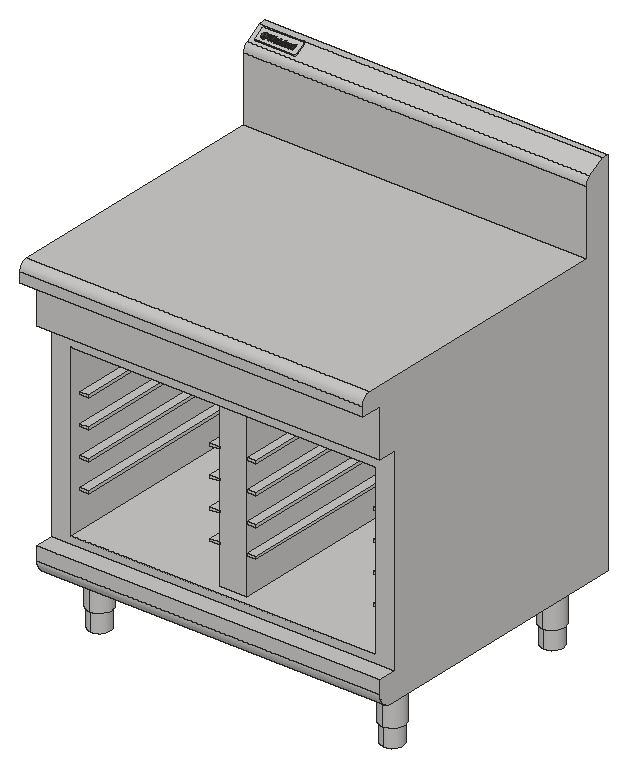
Revit family "QF_MOFFAT WALDORF_BT8900-CB", category Specialty Equipment, Revit 2012
Parameters
  Weight in Pounds = 194.0066  # constant formula
  Width [instance] = 900.00 mm  # constant formula
  URL Cutsheet = "www.moffat.com"
  URL = "www.moffat.com"
  Type Mark [instance] = ""
  Status [instance] = ""
  Specification by User [instance] = ""
  Specification by Manufacturer = ""
  Show Logo [instance] = yes
  Show Casters [instance] = no
  Serial Number = ""
  Seismic Rating = ""
  SMACNA No = ""
  Revision Code [instance] = ""
  Omniclass Number and Title = ""
  NAFEM Spec ID Number = ""
  Model = "BT8900-CB"
  Masterspec = ""
  Manufacturer = "MOFFAT WALDORF"
  Legs [instance] = not(Show Casters)  # yes
  Item Number [instance] = ""
  Installed By [instance] = ""
  Identify Quantity as Lot [instance] = yes
  Height = 1130.00 mm  # constant formula
  Furnished By [instance] = ""
  Foodservice Equipment Identifier [instance] = yes
  Description = "BENCH TOP ON CABINET BASE"
  Depth [instance] = 805.00 mm  # constant formula
  CSI MasterFormat = ""
  CSI Master Format = ""
  Back Splash [instance] = 215.00 mm  # constant formula
Reference planes
  plane 1 "BACK": y = 0
  plane 2: z = 0
  plane 3 "LEFT": x = 0
  plane 4 "RIGHT": x = 900
  plane 5 "FRONT": y = -805
  plane 6 "TOP": z = 1130
  plane 7 "Center Y": x = 450
  plane 8 "Center X": y = -402.5
  plane 9 "Base Height": z = 150
  plane 10: z = 915
  plane 11: x = 65
  plane 12: x = 834.938
  plane 13: y = -625
  plane 14: y = -100
Forms (mm)
  Extrusion 1, solid, material "QF_Finishes_Stainless Steel"
    sketch origin (0, 0, 0) x (0, 1, 0) y (0, 0, 1)
      loop
        line (-144, 222.5) -> (-749, 222.5) -> (-749, 188)
        arc (-749, 188) -> (-737.87, 161.13) -> (-711, 150) r 38
        line (-711, 150) -> (0, 150) -> (0, 1130) -> (-16.5, 1130) -> (-58, 1106.04)
        arc (-58, 1106.04) -> (-66.785, 1097.255) -> (-70, 1085.255) r 24
        line (-70, 1085.255) -> (-70, 915) -> (-781, 915)
        arc (-781, 915) -> (-797.971, 907.971) -> (-805, 891) r 24
        line (-805, 891) -> (-805, 866) -> (-749, 866) -> (-749, 740) -> (-144, 740) -> (-144, 222.5)
    from 0 to 900
  Revolve 2, solid, material "QF_Finishes_Stainless Steel", visible <- "Legs"
    sketch origin (65, -165, 0) x (0, 1, 0) y (0, 0, 1)
      loop
        line (33.25, 150) -> (33.25, 50) -> (37.5, 50) -> (37.5, 0) -> (65, 0) -> (65, 150) -> (33.25, 150)
      axis (65, 150) -> (65, 0)
    angle from 0 to 360
  Revolve 3, solid, material "QF_Finishes_Stainless Steel"
    sketch origin (65, -735, 0) x (0, 1, 0) y (0, 0, 1)
      loop
        line (78.25, 150) -> (78.25, 50) -> (82.5, 50) -> (82.5, 0) -> (110, 0) -> (110, 150) -> (78.25, 150)
      axis (110, 150) -> (110, 0)
    angle from 0 to 360
  Revolve 4, solid, material "QF_Finishes_Stainless Steel", visible <- "Legs"
    sketch origin (834.938, -165, 0) x (0, 1, 0) y (0, 0, -1)
      loop
        line (33.25, -150) -> (65, -150) -> (65, 0) -> (37.5, 0) -> (37.5, -50) -> (33.25, -50) -> (33.25, -150)
      axis (65, -150) -> (65, 0)
    angle from 0 to 360
  Revolve 5, solid, material "QF_Finishes_Stainless Steel"
    sketch origin (834.938, -735, 0) x (0, 1, 0) y (0, 0, -1)
      loop
        line (78.25, -150) -> (110, -150) -> (110, 0) -> (82.5, 0) -> (82.5, -50) -> (78.25, -50) -> (78.25, -150)
      axis (110, -150) -> (110, 0)
    angle from 0 to 360
  Extrusion 6, solid, material "QF_Finishes_Stainless Steel"
    sketch origin (0, -70, 1085.255) x (0, 0, -1) y (1, 0, 0)
      loop
        line (400.255, 850) -> (400.255, 50) -> (842.755, 50) -> (842.755, 850) -> (400.255, 850)
      loop
        line (345.255, 0) -> (862.755, 0) -> (862.755, 900) -> (345.255, 900) -> (345.255, 0)
    from 0 to 629
  Extrusion 7, solid, material "QF_Finishes_Stainless Steel"
    sketch origin (0, -70, 1085.255) x (0, 0, -1) y (1, 0, 0)
      loop
        line (400.255, 419.5) -> (842.755, 419.5) -> (842.755, 490.5) -> (400.255, 490.5) -> (400.255, 419.5)
    from 74 to 604
  Extrusion 8, solid, material "QF_Finishes_Stainless Steel"
    sketch origin (0, -70, 1085.255) x (0, 0, -1) y (1, 0, 0)
      loop
        line (596.505, 419.5) -> (590.155, 419.5) -> (590.155, 394.5) -> (596.505, 394.5) -> (596.505, 419.5)
      loop
        line (671.505, 419.5) -> (665.155, 419.5) -> (665.155, 394.5) -> (671.505, 394.5) -> (671.505, 419.5)
      loop
        line (671.505, 50) -> (671.505, 75) -> (665.155, 75) -> (665.155, 50) -> (671.505, 50)
      loop
        line (590.155, 75) -> (590.155, 50) -> (596.505, 50) -> (596.505, 75) -> (590.155, 75)
      loop
        line (746.505, 419.5) -> (740.155, 419.5) -> (740.155, 394.5) -> (746.505, 394.5) -> (746.505, 419.5)
      loop
        line (746.505, 50) -> (746.505, 75) -> (740.155, 75) -> (740.155, 50) -> (746.505, 50)
      loop
        line (521.505, 419.5) -> (515.155, 419.5) -> (515.155, 394.5) -> (521.505, 394.5) -> (521.505, 419.5)
      loop
        line (515.155, 75) -> (515.155, 50) -> (521.505, 50) -> (521.505, 75) -> (515.155, 75)
    from 74 to 604
  Extrusion 9, solid, material "QF_Finishes_Stainless Steel"
    sketch origin (430.5, -70, 1085.255) x (0, 0, -1) y (1, 0, 0)
      loop
        line (596.505, 419.5) -> (590.155, 419.5) -> (590.155, 394.5) -> (596.505, 394.5) -> (596.505, 419.5)
      loop
        line (671.505, 419.5) -> (665.155, 419.5) -> (665.155, 394.5) -> (671.505, 394.5) -> (671.505, 419.5)
      loop
        line (671.505, 60) -> (671.505, 85) -> (665.155, 85) -> (665.155, 60) -> (671.505, 60)
      loop
        line (590.155, 85) -> (590.155, 60) -> (596.505, 60) -> (596.505, 85) -> (590.155, 85)
      loop
        line (746.505, 419.5) -> (740.155, 419.5) -> (740.155, 394.5) -> (746.505, 394.5) -> (746.505, 419.5)
      loop
        line (746.505, 60) -> (746.505, 85) -> (740.155, 85) -> (740.155, 60) -> (746.505, 60)
      loop
        line (521.505, 419.5) -> (515.155, 419.5) -> (515.155, 394.5) -> (521.505, 394.5) -> (521.505, 419.5)
      loop
        line (515.155, 85) -> (515.155, 60) -> (521.505, 60) -> (521.505, 85) -> (515.155, 85)
    from 74 to 604
  Extrusion 10, void
    sketch origin (0, 0, 223) x (1, 0, 0) y (0, 1, 0)
      loop
        line (824, -87) -> (824, 0) -> (694, 0) -> (694, -39) -> (744, -87) -> (824, -87)
    from 0 to 476
Cuts and joins
  Extrusion 10 cuts Extrusion 1
  Extrusion 10 cuts Extrusion 6
  joined: Extrusion 1, Extrusion 6
  Extrusion 10 cuts Revolve 4
Lines and regions (mm)
  Split face 1
    outline origin (900, -16.5, 1130) x (-1, 0, 0) y (0, -0.866025, -0.5)
      loop
        line (770.5, 3.416) -> (770.5, 35.816) -> (750.5, 35.816) -> (750.5, 3.416) -> (770.5, 3.416)
  Split face 2
    outline origin (900, -16.5, 1130) x (-1, 0, 0) y (0, -0.866025, -0.5)
      loop
        line (743.544, 3.416) -> (743.544, 35.816) -> (723.544, 35.816) -> (723.544, 3.416) -> (743.544, 3.416)
  Split face 3
    outline origin (900, -16.5, 1130) x (-1, 0, 0) y (0, -0.866025, -0.5)
      loop
        line (696.446, 3.416) -> (716.446, 3.416) -> (716.446, 35.816) -> (696.446, 35.816) -> (696.446, 3.416)
  Split face 4
    outline origin (900, -16.5, 1130) x (-1, 0, 0) y (0, -0.866025, -0.5)
      loop
        line (669.453, 35.816) -> (669.453, 3.416) -> (689.453, 3.416) -> (689.453, 35.816) -> (669.453, 35.816)
  Split face 5
    outline origin (900, -16.5, 1130) x (-1, 0, 0) y (0, -0.866025, -0.5)
      loop
        line (642.5, 35.816) -> (642.5, 3.416) -> (662.5, 3.416) -> (662.5, 35.816) -> (642.5, 35.816)
  Split face 6
    outline origin (900, -16.5, 1130) x (-1, 0, 0) y (0, -0.866025, -0.5)
      loop
        line (615.5, 35.816) -> (615.5, 3.416) -> (635.5, 3.416) -> (635.5, 35.816) -> (615.5, 35.816)
  Split face 7
    outline origin (900, -16.5, 1130) x (-1, 0, 0) y (0, -0.866025, -0.5)
      loop
        line (588.5, 35.816) -> (588.5, 3.416) -> (608.5, 3.416) -> (608.5, 35.816) -> (588.5, 35.816)
  Split face 8
    outline origin (900, -16.5, 1130) x (-1, 0, 0) y (0, -0.866025, -0.5)
      loop
        line (581.5, 35.816) -> (561.5, 35.816) -> (561.5, 3.416) -> (581.5, 3.416) -> (581.5, 35.816)
  Split face 9
    outline origin (900, -16.5, 1130) x (-1, 0, 0) y (0, -0.866025, -0.5)
      loop
        line (554.5, 3.416) -> (554.5, 35.816) -> (534.5, 35.816) -> (534.5, 3.416) -> (554.5, 3.416)
  Split face 10
    outline origin (900, -16.5, 1130) x (-1, 0, 0) y (0, -0.866025, -0.5)
      loop
        line (507.5, 35.816) -> (507.5, 3.416) -> (527.5, 3.416) -> (527.5, 35.816) -> (507.5, 35.816)
  Split face 11
    outline origin (900, -16.5, 1130) x (-1, 0, 0) y (0, -0.866025, -0.5)
      loop
        line (480.5, 35.816) -> (480.5, 3.416) -> (500.5, 3.416) -> (500.5, 35.816) -> (480.5, 35.816)
  Split face 12
    outline origin (900, -16.5, 1130) x (-1, 0, 0) y (0, -0.866025, -0.5)
      loop
        line (453.5, 35.816) -> (453.5, 3.416) -> (473.5, 3.416) -> (473.5, 35.816) -> (453.5, 35.816)
  Split face 13
    outline origin (900, -16.5, 1130) x (-1, 0, 0) y (0, -0.866025, -0.5)
      loop
        line (426.5, 3.416) -> (446.5, 3.416) -> (446.5, 35.816) -> (426.5, 35.816) -> (426.5, 3.416)
  Split face 14
    outline origin (900, -16.5, 1130) x (-1, 0, 0) y (0, -0.866025, -0.5)
      loop
        line (399.5, 3.416) -> (419.5, 3.416) -> (419.5, 35.816) -> (399.5, 35.816) -> (399.5, 3.416)
  Split face 15
    outline origin (900, -16.5, 1130) x (-1, 0, 0) y (0, -0.866025, -0.5)
      loop
        line (372.5, 3.416) -> (392.5, 3.416) -> (392.5, 35.816) -> (372.5, 35.816) -> (372.5, 3.416)
  Split face 16
    outline origin (900, -16.5, 1130) x (-1, 0, 0) y (0, -0.866025, -0.5)
      loop
        line (345.5, 35.816) -> (345.5, 3.416) -> (365.5, 3.416) -> (365.5, 35.816) -> (345.5, 35.816)
  Split face 17
    outline origin (900, -16.5, 1130) x (-1, 0, 0) y (0, -0.866025, -0.5)
      loop
        line (338.5, 35.816) -> (318.5, 35.816) -> (318.5, 3.416) -> (338.5, 3.416) -> (338.5, 35.816)
  Split face 18
    outline origin (900, -16.5, 1130) x (-1, 0, 0) y (0, -0.866025, -0.5)
      loop
        line (291.5, 3.416) -> (311.5, 3.416) -> (311.5, 35.816) -> (291.5, 35.816) -> (291.5, 3.416)
  Split face 19
    outline origin (900, -16.5, 1130) x (-1, 0, 0) y (0, -0.866025, -0.5)
      loop
        line (264.5, 3.416) -> (284.5, 3.416) -> (284.5, 35.816) -> (264.5, 35.816) -> (264.5, 3.416)
  Split face 20
    outline origin (900, -16.5, 1130) x (-1, 0, 0) y (0, -0.866025, -0.5)
      loop
        line (257.5, 3.416) -> (257.5, 35.816) -> (237.5, 35.816) -> (237.5, 3.416) -> (257.5, 3.416)
  Split face 21
    outline origin (900, -16.5, 1130) x (-1, 0, 0) y (0, -0.866025, -0.5)
      loop
        line (230.5, 35.816) -> (210.5, 35.816) -> (210.5, 3.416) -> (230.5, 3.416) -> (230.5, 35.816)
  Split face 22
    outline origin (900, -16.5, 1130) x (-1, 0, 0) y (0, -0.866025, -0.5)
      loop
        line (183.5, 35.816) -> (183.5, 3.416) -> (203.5, 3.416) -> (203.5, 35.816) -> (183.5, 35.816)
  Split face 23
    outline origin (900, -16.5, 1130) x (-1, 0, 0) y (0, -0.866025, -0.5)
      loop
        line (176.5, 35.816) -> (156.5, 35.816) -> (156.5, 3.416) -> (176.5, 3.416) -> (176.5, 35.816)
  Split face 24
    outline origin (900, -16.5, 1130) x (-1, 0, 0) y (0, -0.866025, -0.5)
      loop
        line (129.5, 35.816) -> (129.5, 3.416) -> (149.5, 3.416) -> (149.5, 35.816) -> (129.5, 35.816)
  symbolic lines
    curve 1: line (0, 0, 0) -> (0, -805, 0)
    curve 2: line (900, 0, 0) -> (0, 0, 0)
    curve 3: line (900, -805, 0) -> (900, 0, 0)
    curve 4: line (0, -70, 0) -> (900, -70, 0)
    curve 5: line (0, -805, 0) -> (900, -805, 0)
    curve 6: line (12.5, -51.234, 0) -> (12.5, -20.958, 0)
    curve 7: line (121.5, -20.958, 0) -> (121.5, -51.234, 0)
    curve 8: line (12.5, -51.234, 0) -> (121.5, -51.234, 0)
    curve 9: line (12.5, -20.958, 0) -> (121.5, -20.958, 0)
    curve 10: line (129.5, -50.642, 0) -> (129.5, -22.583, 0)
    curve 11: line (129.5, -22.583, 0) -> (149.5, -22.583, 0)
    curve 12: line (149.5, -22.583, 0) -> (149.5, -50.642, 0)
    curve 13: line (149.5, -50.642, 0) -> (129.5, -50.642, 0)
    curve 14: line (156.456, -50.642, 0) -> (156.456, -22.583, 0)
    curve 15: line (156.456, -22.583, 0) -> (176.456, -22.583, 0)
    curve 16: line (176.456, -22.583, 0) -> (176.456, -50.642, 0)
    curve 17: line (176.456, -50.642, 0) -> (156.456, -50.642, 0)
    curve 18: line (183.554, -50.642, 0) -> (183.554, -22.583, 0)
    curve 19: line (183.554, -22.583, 0) -> (203.554, -22.583, 0)
    curve 20: line (203.554, -22.583, 0) -> (203.554, -50.642, 0)
    curve 21: line (203.554, -50.642, 0) -> (183.554, -50.642, 0)
    curve 22: line (210.547, -50.642, 0) -> (210.547, -22.583, 0)
    curve 23: line (210.547, -22.583, 0) -> (230.547, -22.583, 0)
    curve 24: line (230.547, -22.583, 0) -> (230.547, -50.642, 0)
    curve 25: line (230.547, -50.642, 0) -> (210.547, -50.642, 0)
    curve 26: line (237.5, -50.642, 0) -> (237.5, -22.583, 0)
    curve 27: line (237.5, -22.583, 0) -> (257.5, -22.583, 0)
    curve 28: line (257.5, -22.583, 0) -> (257.5, -50.642, 0)
    curve 29: line (257.5, -50.642, 0) -> (237.5, -50.642, 0)
    curve 30: line (264.5, -50.642, 0) -> (264.5, -22.583, 0)
    curve 31: line (264.5, -22.583, 0) -> (284.5, -22.583, 0)
    curve 32: line (284.5, -22.583, 0) -> (284.5, -50.642, 0)
    curve 33: line (284.5, -50.642, 0) -> (264.5, -50.642, 0)
    curve 34: line (291.5, -50.642, 0) -> (291.5, -22.583, 0)
    curve 35: line (291.5, -22.583, 0) -> (311.5, -22.583, 0)
    curve 36: line (311.5, -22.583, 0) -> (311.5, -50.642, 0)
    curve 37: line (311.5, -50.642, 0) -> (291.5, -50.642, 0)
    curve 38: line (318.5, -50.642, 0) -> (318.5, -22.583, 0)
    curve 39: line (318.5, -22.583, 0) -> (338.5, -22.583, 0)
    curve 40: line (338.5, -22.583, 0) -> (338.5, -50.642, 0)
    curve 41: line (338.5, -50.642, 0) -> (318.5, -50.642, 0)
    curve 42: line (345.5, -50.642, 0) -> (345.5, -22.583, 0)
    curve 43: line (345.5, -22.583, 0) -> (365.5, -22.583, 0)
    curve 44: line (365.5, -22.583, 0) -> (365.5, -50.642, 0)
    curve 45: line (365.5, -50.642, 0) -> (345.5, -50.642, 0)
    curve 46: line (372.5, -50.642, 0) -> (372.5, -22.583, 0)
    curve 47: line (372.5, -22.583, 0) -> (392.5, -22.583, 0)
    curve 48: line (392.5, -22.583, 0) -> (392.5, -50.642, 0)
    curve 49: line (392.5, -50.642, 0) -> (372.5, -50.642, 0)
    curve 50: line (399.5, -50.642, 0) -> (399.5, -22.583, 0)
    curve 51: line (399.5, -22.583, 0) -> (419.5, -22.583, 0)
    curve 52: line (419.5, -22.583, 0) -> (419.5, -50.642, 0)
    curve 53: line (419.5, -50.642, 0) -> (399.5, -50.642, 0)
    curve 54: line (426.5, -50.642, 0) -> (426.5, -22.583, 0)
    curve 55: line (426.5, -22.583, 0) -> (446.5, -22.583, 0)
    curve 56: line (446.5, -22.583, 0) -> (446.5, -50.642, 0)
    curve 57: line (446.5, -50.642, 0) -> (426.5, -50.642, 0)
    curve 58: line (453.5, -50.642, 0) -> (453.5, -22.583, 0)
    curve 59: line (453.5, -22.583, 0) -> (473.5, -22.583, 0)
    curve 60: line (473.5, -22.583, 0) -> (473.5, -50.642, 0)
    curve 61: line (473.5, -50.642, 0) -> (453.5, -50.642, 0)
    curve 62: line (480.5, -50.642, 0) -> (480.5, -22.583, 0)
    curve 63: line (480.5, -22.583, 0) -> (500.5, -22.583, 0)
    curve 64: line (500.5, -22.583, 0) -> (500.5, -50.642, 0)
    curve 65: line (500.5, -50.642, 0) -> (480.5, -50.642, 0)
    curve 66: line (507.5, -50.642, 0) -> (507.5, -22.583, 0)
    curve 67: line (507.5, -22.583, 0) -> (527.5, -22.583, 0)
    curve 68: line (527.5, -22.583, 0) -> (527.5, -50.642, 0)
    curve 69: line (527.5, -50.642, 0) -> (507.5, -50.642, 0)
    curve 70: line (534.5, -50.642, 0) -> (534.5, -22.583, 0)
    curve 71: line (534.5, -22.583, 0) -> (554.5, -22.583, 0)
    curve 72: line (554.5, -22.583, 0) -> (554.5, -50.642, 0)
    curve 73: line (554.5, -50.642, 0) -> (534.5, -50.642, 0)
    curve 74: line (561.5, -50.642, 0) -> (561.5, -22.583, 0)
    curve 75: line (561.5, -22.583, 0) -> (581.5, -22.583, 0)
    curve 76: line (581.5, -22.583, 0) -> (581.5, -50.642, 0)
    curve 77: line (581.5, -50.642, 0) -> (561.5, -50.642, 0)
    curve 78: line (588.5, -50.642, 0) -> (588.5, -22.583, 0)
    curve 79: line (588.5, -22.583, 0) -> (608.5, -22.583, 0)
    curve 80: line (608.5, -22.583, 0) -> (608.5, -50.642, 0)
    curve 81: line (608.5, -50.642, 0) -> (588.5, -50.642, 0)
    curve 82: line (615.5, -50.642, 0) -> (615.5, -22.583, 0)
    curve 83: line (615.5, -22.583, 0) -> (635.5, -22.583, 0)
    curve 84: line (635.5, -22.583, 0) -> (635.5, -50.642, 0)
    curve 85: line (635.5, -50.642, 0) -> (615.5, -50.642, 0)
    curve 86: line (642.5, -50.642, 0) -> (642.5, -22.583, 0)
    curve 87: line (642.5, -22.583, 0) -> (662.5, -22.583, 0)
    curve 88: line (662.5, -22.583, 0) -> (662.5, -50.642, 0)
    curve 89: line (662.5, -50.642, 0) -> (642.5, -50.642, 0)
    curve 90: line (669.5, -50.642, 0) -> (669.5, -22.583, 0)
    curve 91: line (669.5, -22.583, 0) -> (689.5, -22.583, 0)
    curve 92: line (689.5, -22.583, 0) -> (689.5, -50.642, 0)
    curve 93: line (689.5, -50.642, 0) -> (669.5, -50.642, 0)
    curve 94: line (696.5, -50.642, 0) -> (696.5, -22.583, 0)
    curve 95: line (696.5, -22.583, 0) -> (716.5, -22.583, 0)
    curve 96: line (716.5, -22.583, 0) -> (716.5, -50.642, 0)
    curve 97: line (716.5, -50.642, 0) -> (696.5, -50.642, 0)
    curve 98: line (723.5, -50.642, 0) -> (723.5, -22.583, 0)
    curve 99: line (723.5, -22.583, 0) -> (743.5, -22.583, 0)
    curve 100: line (743.5, -22.583, 0) -> (743.5, -50.642, 0)
    curve 101: line (743.5, -50.642, 0) -> (723.5, -50.642, 0)
    curve 102: line (750.5, -50.642, 0) -> (750.5, -22.583, 0)
    curve 103: line (750.5, -22.583, 0) -> (770.5, -22.583, 0)
    curve 104: line (770.5, -22.583, 0) -> (770.5, -50.642, 0)
    curve 105: line (770.5, -50.642, 0) -> (750.5, -50.642, 0)
Dimensions and locks
  equal spacing: plane 3 "LEFT", plane 7 "Center Y", plane 4 "RIGHT"
  "Width": plane 3 "LEFT" to plane 4 "RIGHT"
  equal spacing: plane 5 "FRONT", plane 8 "Center X", plane 1 "BACK"
  "Depth": plane 5 "FRONT" to plane 1 "BACK"
  locked: plane 10 to level at 915
  locked: plane 9 "Base Height" to level at 150
  plane 6 "TOP" to nested 1 to nested 1 to plane 10 = 1.099 mm locked, 17.226 mm locked, 196.675 mm
  plane 13 to plane 14 = 525.00 mm
  plane 12 to plane 11 = 769.938 mm
  "Height": plane 6 "TOP" to level
  aligned and locked: level to plane 2
  aligned and locked: Extrusion 7 to cut or joined group of Extrusion 1, Extrusion 6, Extrusion 10
Automatic sketch dimensions
  Extrusion 1 sketch curve to plane 5 "FRONT" = 0.00 mm
  Extrusion 1 sketch curve to plane 10 = 0.00 mm
  Extrusion 1 sketch curve to plane 9 "Base Height" = 0.00 mm
  Extrusion 1 sketch curve to plane 6 "TOP" = 0.00 mm
  Extrusion 1 sketch curve to plane 1 "BACK" = 0.00 mm
  Extrusion 1 sketch curve to plane 5 "FRONT" = 24.00 mm
  Extrusion 1 sketch curve to plane 5 "FRONT" = 56.00 mm  (x2)
  Extrusion 1 sketch curve to Extrusion 1 sketch curve = 38.00 mm
  Extrusion 1 sketch curve to plane 14 = 44.00 mm
  plane 14 to Extrusion 1 sketch curve = 30.00 mm
  Extrusion 1 sketch curve to Extrusion 1 sketch curve = 12.00 mm  (x2)
  Extrusion 1 sketch curve to Extrusion 1 sketch curve = 16.50 mm
  Extrusion 1 sketch curve to Extrusion 1 sketch curve = 34.50 mm
  Extrusion 1 sketch curve to Extrusion 1 sketch curve = 151.00 mm
  Extrusion 1 sketch curve to Extrusion 1 sketch curve = 25.00 mm
  Extrusion 1 sketch curve to plane 6 "TOP" = 44.745 mm
  Revolve 2 sketch curve to plane 9 "Base Height" = 0.00 mm
  Revolve 2 sketch curve to level = 0.00 mm
  Revolve 2 sketch curve to plane 14 = 0.00 mm  (x2)
  Revolve 2 sketch curve to Revolve 2 sketch curve = 27.50 mm
  Revolve 2 sketch curve to Revolve 2 sketch curve = 31.75 mm
  Revolve 2 sketch curve to level = 55.00 mm
  Revolve 2 sketch curve to Revolve 2 sketch curve = 50.00 mm
  Revolve 2 sketch curve to Revolve 2 sketch curve = 0.00 mm
  Revolve 3 sketch curve to plane 9 "Base Height" = 0.00 mm
  Revolve 3 sketch curve to level = 0.00 mm
  Revolve 3 sketch curve to plane 13 = 0.00 mm  (x2)
  Revolve 3 sketch curve to plane 13 = 27.50 mm
  Revolve 3 sketch curve to Revolve 3 sketch curve = 31.75 mm
  Revolve 3 sketch curve to Revolve 3 sketch curve = 55.00 mm
  level to Revolve 3 sketch curve = 50.00 mm
  Revolve 3 sketch curve to Revolve 3 sketch curve = 0.00 mm
  Revolve 4 sketch curve to plane 9 "Base Height" = 0.00 mm
  Revolve 4 sketch curve to level = 0.00 mm
  Revolve 4 sketch curve to plane 14 = 0.00 mm  (x2)
  Revolve 4 sketch curve to Revolve 4 sketch curve = 27.50 mm
  Revolve 4 sketch curve to Revolve 4 sketch curve = 31.75 mm
  level to Revolve 4 sketch curve = 50.00 mm
  Revolve 4 sketch curve to Revolve 4 sketch curve = 0.00 mm
  Revolve 4 sketch curve to Revolve 4 sketch curve = 55.00 mm
  Revolve 5 sketch curve to plane 9 "Base Height" = 0.00 mm
  Revolve 5 sketch curve to level = 0.00 mm
  Revolve 5 sketch curve to plane 13 = 0.00 mm  (x2)
  Revolve 5 sketch curve to plane 13 = 27.50 mm
  Revolve 5 sketch curve to plane 13 = 31.75 mm
  level to Revolve 5 sketch curve = 50.00 mm
  Revolve 5 sketch curve to Revolve 5 sketch curve = 0.00 mm
  Revolve 5 sketch curve to Revolve 5 sketch curve = 55.00 mm
  Extrusion 7 sketch curve to Extrusion 7 sketch curve = 71.00 mm
  Extrusion 8 sketch curve to Extrusion 8 sketch curve = 6.35 mm  (x8)
  Extrusion 8 sketch curve to Extrusion 8 sketch curve = 68.65 mm  (x6)
  Extrusion 8 sketch curve to Extrusion 8 sketch curve = 25.00 mm  (x8)
  Extrusion 8 sketch curve to Extrusion 8 sketch curve = 319.50 mm
  Extrusion 8 sketch curve to Extrusion 8 sketch curve = 0.00 mm  (x4)
  Extrusion 9 sketch curve to Extrusion 9 sketch curve = 6.35 mm  (x8)
  Extrusion 9 sketch curve to Extrusion 9 sketch curve = 68.65 mm  (x6)
  Extrusion 9 sketch curve to Extrusion 9 sketch curve = 25.00 mm  (x8)
  Extrusion 9 sketch curve to Extrusion 9 sketch curve = 0.00 mm  (x6)
  Extrusion 9 sketch curve to Extrusion 9 sketch curve = 309.50 mm
  cut or joined group of Extrusion 1, Extrusion 6, Extrusion 10 to Split face 1 sketch curve = 3.416 mm
  Split face 1 sketch curve to cut or joined group of Extrusion 1, Extrusion 6, Extrusion 10 = 149.50 mm
  Split face 1 sketch curve to Split face 1 sketch curve = 20.00 mm
  Split face 1 sketch curve to cut or joined group of Extrusion 1, Extrusion 6, Extrusion 10 = 12.104 mm
  cut or joined group of Extrusion 1, Extrusion 6, Extrusion 10 to Split face 2 sketch curve = 3.416 mm
  Split face 2 sketch curve to cut or joined group of Extrusion 1, Extrusion 6, Extrusion 10 = 176.456 mm
  Split face 2 sketch curve to Split face 2 sketch curve = 20.00 mm
  Split face 2 sketch curve to cut or joined group of Extrusion 1, Extrusion 6, Extrusion 10 = 12.104 mm
  cut or joined group of Extrusion 1, Extrusion 6, Extrusion 10 to Split face 3 sketch curve = 3.416 mm
  Split face 3 sketch curve to Split face 3 sketch curve = 20.00 mm
  Split face 3 sketch curve to cut or joined group of Extrusion 1, Extrusion 6, Extrusion 10 = 12.104 mm
  Split face 3 sketch curve to cut or joined group of Extrusion 1, Extrusion 6, Extrusion 10 = 203.554 mm
  Split face 4 sketch curve to cut or joined group of Extrusion 1, Extrusion 6, Extrusion 10 = 12.104 mm
  Split face 4 sketch curve to cut or joined group of Extrusion 1, Extrusion 6, Extrusion 10 = 230.547 mm
  cut or joined group of Extrusion 1, Extrusion 6, Extrusion 10 to Split face 4 sketch curve = 3.416 mm
  Split face 4 sketch curve to Split face 4 sketch curve = 20.00 mm
  cut or joined group of Extrusion 1, Extrusion 6, Extrusion 10 to Split face 5 sketch curve = 3.416 mm
  Split face 5 sketch curve to cut or joined group of Extrusion 1, Extrusion 6, Extrusion 10 = 257.50 mm
  Split face 5 sketch curve to Split face 5 sketch curve = 20.00 mm
  Split face 5 sketch curve to cut or joined group of Extrusion 1, Extrusion 6, Extrusion 10 = 12.104 mm
  Split face 6 sketch curve to cut or joined group of Extrusion 1, Extrusion 6, Extrusion 10 = 12.104 mm
  Split face 6 sketch curve to cut or joined group of Extrusion 1, Extrusion 6, Extrusion 10 = 284.50 mm
  cut or joined group of Extrusion 1, Extrusion 6, Extrusion 10 to Split face 6 sketch curve = 3.416 mm
  Split face 6 sketch curve to Split face 6 sketch curve = 20.00 mm
  Split face 7 sketch curve to cut or joined group of Extrusion 1, Extrusion 6, Extrusion 10 = 12.104 mm
  Split face 7 sketch curve to cut or joined group of Extrusion 1, Extrusion 6, Extrusion 10 = 311.50 mm
  cut or joined group of Extrusion 1, Extrusion 6, Extrusion 10 to Split face 7 sketch curve = 3.416 mm
  Split face 7 sketch curve to Split face 7 sketch curve = 20.00 mm
  Split face 8 sketch curve to cut or joined group of Extrusion 1, Extrusion 6, Extrusion 10 = 12.104 mm
  Split face 8 sketch curve to cut or joined group of Extrusion 1, Extrusion 6, Extrusion 10 = 338.50 mm
  cut or joined group of Extrusion 1, Extrusion 6, Extrusion 10 to Split face 8 sketch curve = 3.416 mm
  Split face 8 sketch curve to Split face 8 sketch curve = 20.00 mm
  cut or joined group of Extrusion 1, Extrusion 6, Extrusion 10 to Split face 9 sketch curve = 3.416 mm
  Split face 9 sketch curve to cut or joined group of Extrusion 1, Extrusion 6, Extrusion 10 = 365.50 mm
  Split face 9 sketch curve to Split face 9 sketch curve = 20.00 mm
  Split face 9 sketch curve to cut or joined group of Extrusion 1, Extrusion 6, Extrusion 10 = 12.104 mm
  Split face 10 sketch curve to cut or joined group of Extrusion 1, Extrusion 6, Extrusion 10 = 12.104 mm
  Split face 10 sketch curve to cut or joined group of Extrusion 1, Extrusion 6, Extrusion 10 = 392.50 mm
  cut or joined group of Extrusion 1, Extrusion 6, Extrusion 10 to Split face 10 sketch curve = 3.416 mm
  Split face 10 sketch curve to Split face 10 sketch curve = 20.00 mm
  Split face 11 sketch curve to cut or joined group of Extrusion 1, Extrusion 6, Extrusion 10 = 12.104 mm
  Split face 11 sketch curve to Split face 11 sketch curve = 20.00 mm
  cut or joined group of Extrusion 1, Extrusion 6, Extrusion 10 to Split face 11 sketch curve = 3.416 mm
  Split face 11 sketch curve to cut or joined group of Extrusion 1, Extrusion 6, Extrusion 10 = 419.50 mm
  Split face 12 sketch curve to cut or joined group of Extrusion 1, Extrusion 6, Extrusion 10 = 12.104 mm
  Split face 12 sketch curve to cut or joined group of Extrusion 1, Extrusion 6, Extrusion 10 = 446.50 mm
  cut or joined group of Extrusion 1, Extrusion 6, Extrusion 10 to Split face 12 sketch curve = 3.416 mm
  Split face 12 sketch curve to Split face 12 sketch curve = 20.00 mm
  cut or joined group of Extrusion 1, Extrusion 6, Extrusion 10 to Split face 13 sketch curve = 3.416 mm
  Split face 13 sketch curve to cut or joined group of Extrusion 1, Extrusion 6, Extrusion 10 = 473.50 mm
  Split face 13 sketch curve to Split face 13 sketch curve = 20.00 mm
  Split face 13 sketch curve to cut or joined group of Extrusion 1, Extrusion 6, Extrusion 10 = 12.104 mm
  cut or joined group of Extrusion 1, Extrusion 6, Extrusion 10 to Split face 14 sketch curve = 3.416 mm
  Split face 14 sketch curve to cut or joined group of Extrusion 1, Extrusion 6, Extrusion 10 = 399.50 mm
  Split face 14 sketch curve to Split face 14 sketch curve = 20.00 mm
  Split face 14 sketch curve to cut or joined group of Extrusion 1, Extrusion 6, Extrusion 10 = 12.104 mm
  cut or joined group of Extrusion 1, Extrusion 6, Extrusion 10 to Split face 15 sketch curve = 3.416 mm
  Split face 15 sketch curve to cut or joined group of Extrusion 1, Extrusion 6, Extrusion 10 = 372.50 mm
  Split face 15 sketch curve to Split face 15 sketch curve = 20.00 mm
  Split face 15 sketch curve to cut or joined group of Extrusion 1, Extrusion 6, Extrusion 10 = 12.104 mm
  Split face 16 sketch curve to cut or joined group of Extrusion 1, Extrusion 6, Extrusion 10 = 12.104 mm
  Split face 16 sketch curve to cut or joined group of Extrusion 1, Extrusion 6, Extrusion 10 = 345.50 mm
  cut or joined group of Extrusion 1, Extrusion 6, Extrusion 10 to Split face 16 sketch curve = 3.416 mm
  Split face 16 sketch curve to Split face 16 sketch curve = 20.00 mm
  Split face 17 sketch curve to cut or joined group of Extrusion 1, Extrusion 6, Extrusion 10 = 12.104 mm
  Split face 17 sketch curve to cut or joined group of Extrusion 1, Extrusion 6, Extrusion 10 = 318.50 mm
  cut or joined group of Extrusion 1, Extrusion 6, Extrusion 10 to Split face 17 sketch curve = 3.416 mm
  Split face 17 sketch curve to Split face 17 sketch curve = 20.00 mm
  Split face 18 sketch curve to cut or joined group of Extrusion 1, Extrusion 6, Extrusion 10 = 12.104 mm
  Split face 18 sketch curve to cut or joined group of Extrusion 1, Extrusion 6, Extrusion 10 = 291.50 mm
  cut or joined group of Extrusion 1, Extrusion 6, Extrusion 10 to Split face 18 sketch curve = 3.416 mm
  Split face 18 sketch curve to Split face 18 sketch curve = 20.00 mm
  cut or joined group of Extrusion 1, Extrusion 6, Extrusion 10 to Split face 19 sketch curve = 3.416 mm
  Split face 19 sketch curve to cut or joined group of Extrusion 1, Extrusion 6, Extrusion 10 = 264.50 mm
  Split face 19 sketch curve to Split face 19 sketch curve = 20.00 mm
  Split face 19 sketch curve to cut or joined group of Extrusion 1, Extrusion 6, Extrusion 10 = 12.104 mm
  cut or joined group of Extrusion 1, Extrusion 6, Extrusion 10 to Split face 20 sketch curve = 3.416 mm
  Split face 20 sketch curve to cut or joined group of Extrusion 1, Extrusion 6, Extrusion 10 = 237.50 mm
  Split face 20 sketch curve to Split face 20 sketch curve = 20.00 mm
  Split face 20 sketch curve to cut or joined group of Extrusion 1, Extrusion 6, Extrusion 10 = 12.104 mm
  Split face 21 sketch curve to cut or joined group of Extrusion 1, Extrusion 6, Extrusion 10 = 12.104 mm
  Split face 21 sketch curve to cut or joined group of Extrusion 1, Extrusion 6, Extrusion 10 = 210.50 mm
  cut or joined group of Extrusion 1, Extrusion 6, Extrusion 10 to Split face 21 sketch curve = 3.416 mm
  Split face 21 sketch curve to Split face 21 sketch curve = 20.00 mm
  cut or joined group of Extrusion 1, Extrusion 6, Extrusion 10 to Split face 22 sketch curve = 3.416 mm
  Split face 22 sketch curve to cut or joined group of Extrusion 1, Extrusion 6, Extrusion 10 = 183.50 mm
  Split face 22 sketch curve to Split face 22 sketch curve = 20.00 mm
  Split face 22 sketch curve to cut or joined group of Extrusion 1, Extrusion 6, Extrusion 10 = 12.104 mm
  Split face 23 sketch curve to cut or joined group of Extrusion 1, Extrusion 6, Extrusion 10 = 12.104 mm
  Split face 23 sketch curve to cut or joined group of Extrusion 1, Extrusion 6, Extrusion 10 = 156.50 mm
  cut or joined group of Extrusion 1, Extrusion 6, Extrusion 10 to Split face 23 sketch curve = 3.416 mm
  Split face 23 sketch curve to Split face 23 sketch curve = 20.00 mm
  cut or joined group of Extrusion 1, Extrusion 6, Extrusion 10 to Split face 24 sketch curve = 3.416 mm
  Split face 24 sketch curve to cut or joined group of Extrusion 1, Extrusion 6, Extrusion 10 = 129.50 mm
  Split face 24 sketch curve to Split face 24 sketch curve = 20.00 mm
  Split face 24 sketch curve to cut or joined group of Extrusion 1, Extrusion 6, Extrusion 10 = 12.104 mm
  plane 1 "BACK" to curve 1 = 0.00 mm
  curve 1 to plane 3 "LEFT" = 0.00 mm
  curve 2 to plane 4 "RIGHT" = 0.00 mm
  plane 5 "FRONT" to curve 5 = 0.00 mm
  plane 3 "LEFT" to curve 9 = 12.50 mm
  plane 1 "BACK" to curve 9 = 20.958 mm
  plane 11 to curve 9 = 56.50 mm
  curve 7 to curve 10 = 8.00 mm
  curve 10 to curve 12 = 20.00 mm
  curve 11 to curve 15 = 6.956 mm
  curve 14 to curve 15 = 20.00 mm
  curve 16 to curve 21 = 7.098 mm
  curve 18 to curve 19 = 20.00 mm
  curve 19 to curve 22 = 6.993 mm
  curve 22 to curve 24 = 20.00 mm
  curve 23 to curve 27 = 6.953 mm
  curve 26 to curve 27 = 20.00 mm
  curve 28 to curve 33 = 7.00 mm
  curve 30 to curve 33 = 20.00 mm
  curve 32 to curve 34 = 7.00 mm
  curve 34 to curve 37 = 20.00 mm
  curve 36 to curve 38 = 7.00 mm
  curve 38 to curve 39 = 20.00 mm
  curve 39 to curve 43 = 7.00 mm
  curve 42 to curve 44 = 20.00 mm
  curve 44 to curve 46 = 7.00 mm
  curve 46 to curve 48 = 20.00 mm
  curve 48 to curve 50 = 7.00 mm
  curve 50 to curve 52 = 20.00 mm
  curve 52 to curve 54 = 7.00 mm
  curve 56 to plane 7 "Center Y" = 3.50 mm
  plane 7 "Center Y" to curve 61 = 3.50 mm
  curve 58 to curve 59 = 20.00 mm
  curve 60 to curve 65 = 7.00 mm
  curve 62 to curve 64 = 20.00 mm
  curve 64 to curve 66 = 7.00 mm
  curve 66 to curve 68 = 20.00 mm
  curve 67 to curve 71 = 7.00 mm
  curve 70 to curve 71 = 20.00 mm
  curve 72 to curve 77 = 7.00 mm
  curve 74 to curve 76 = 20.00 mm
  curve 75 to curve 79 = 7.00 mm
  curve 78 to curve 79 = 20.00 mm
  curve 80 to curve 85 = 7.00 mm
  curve 82 to curve 85 = 20.00 mm
  curve 84 to curve 86 = 7.00 mm
  curve 86 to curve 89 = 20.00 mm
  curve 88 to curve 90 = 7.00 mm
  curve 90 to curve 91 = 20.00 mm
  curve 91 to curve 95 = 7.00 mm
  curve 94 to curve 96 = 20.00 mm
  curve 96 to curve 98 = 7.00 mm
  curve 98 to curve 100 = 20.00 mm
  curve 100 to curve 102 = 7.00 mm
  curve 102 to curve 105 = 20.00 mm
  plane 14 to curve 4 = 30.00 mm
  curve 4 to curve 8 = 18.766 mm
  plane 14 to curve 101 = 49.358 mm
  curve 100 to curve 104 = 0.00 mm
  plane 14 to curve 53 = 49.358 mm
  curve 7 to curve 10 = 0.592 mm
  curve 97 to curve 98 = 0.00 mm
  curve 12 to curve 14 = 0.00 mm  (x2)
  curve 93 to curve 94 = 0.00 mm
  curve 16 to curve 18 = 0.00 mm  (x2)
  curve 89 to curve 90 = 0.00 mm
  curve 20 to curve 22 = 0.00 mm  (x2)
  curve 85 to curve 86 = 0.00 mm
  curve 24 to curve 26 = 0.00 mm  (x2)
  curve 81 to curve 82 = 0.00 mm
  curve 28 to curve 30 = 0.00 mm  (x2)
  curve 77 to curve 78 = 0.00 mm
  curve 32 to curve 34 = 0.00 mm  (x2)
  curve 73 to curve 74 = 0.00 mm
  curve 36 to curve 38 = 0.00 mm  (x2)
  curve 69 to curve 70 = 0.00 mm
  curve 40 to curve 42 = 0.00 mm  (x2)
  curve 65 to curve 66 = 0.00 mm
  curve 44 to curve 46 = 0.00 mm  (x2)
  curve 61 to curve 62 = 0.00 mm
  curve 52 to curve 57 = 0.00 mm
  plane 1 "BACK" to curve 52 = 22.583 mm
  curve 51 to curve 54 = 0.00 mm
  curve 48 to curve 50 = 0.00 mm
  curve 55 to curve 58 = 0.00 mm
  curve 59 to curve 62 = 0.00 mm
  curve 63 to curve 66 = 0.00 mm
  curve 67 to curve 70 = 0.00 mm
  curve 71 to curve 74 = 0.00 mm
  curve 75 to curve 78 = 0.00 mm
  curve 79 to curve 82 = 0.00 mm
  curve 83 to curve 86 = 0.00 mm
  curve 87 to curve 90 = 0.00 mm
  curve 91 to curve 94 = 0.00 mm
  plane 1 "BACK" to curve 104 = 22.583 mm
  curve 95 to curve 98 = 0.00 mm
  plane 14 to Extrusion 10 sketch curve = 13.00 mm
  plane 1 "BACK" to Extrusion 10 sketch curve = 39.00 mm
  plane 12 to Extrusion 10 sketch curve = 140.937 mm
  plane 12 to Extrusion 10 sketch curve = 10.937 mm
  Extrusion 10 sketch curve to Extrusion 10 sketch curve = 50.00 mm
  Extrusion 10 sketch curve to plane 1 "BACK" = 0.00 mm
  Extrusion 6 sketch curve to plane 3 "LEFT" = 0.00 mm
  plane 4 "RIGHT" to Extrusion 6 sketch curve = 0.00 mm
  Extrusion 6 sketch curve to plane 10 = 175.00 mm
  Extrusion 6 sketch curve to plane 12 = 15.063 mm
  Extrusion 6 sketch curve to Extrusion 6 sketch curve = 55.00 mm
  plane 9 "Base Height" to Extrusion 6 sketch curve = 92.50 mm
  Extrusion 6 sketch curve to Extrusion 6 sketch curve = 20.00 mm
  Extrusion 6 sketch curve to plane 11 = 15.00 mm
  plane 7 "Center Y" to Extrusion 7 sketch curve = 40.50 mm
  Extrusion 7 sketch curve to plane 10 = 230.00 mm
  plane 9 "Base Height" to Extrusion 7 sketch curve = 92.50 mm
  Extrusion 8 sketch curve to plane 11 = 15.00 mm  (x3)
  Extrusion 8 sketch curve to plane 10 = 344.90 mm
  Extrusion 8 sketch curve to plane 7 "Center Y" = 30.50 mm
  plane 7 "Center Y" to Extrusion 9 sketch curve = 40.50 mm
  Extrusion 9 sketch curve to plane 10 = 344.90 mm
  Extrusion 9 sketch curve to plane 12 = 15.063 mm
Nested families
  nested 1: "WALDORF-LOGO" at (12.5, -35.273, 1102.604), visible <- "Show Logo", type "WALDORF-LOGO", detail levels medium+fine
    with Type Mark "", Status "", Specification by User "", Revision Code "", Item Number "", Installed By "", Identify Quantity as Lot yes, Furnished By "", Foodservice Equipment Identifier yes
  nested 2: "BT8900-CB-CASTERS" at (65, -100, 0), Show Casters <- "Show Casters", visible <- "Show Casters", type "BT8900-CB-CASTERS"
    with Type Mark "", Status "", Specification by User "", Show Casters no, Revision Code "", Item Number "", Installed By "", Identify Quantity as Lot yes, Furnished By "", Foodservice Equipment Identifier yes
  nested 3: "BT8900-CB-CASTERS" at (835, -100, 0), Show Casters <- "Show Casters", visible <- "Show Casters", type "BT8900-CB-CASTERS"
    with Type Mark "", Status "", Specification by User "", Show Casters no, Revision Code "", Item Number "", Installed By "", Identify Quantity as Lot yes, Furnished By "", Foodservice Equipment Identifier yes
Definition of nested family "WALDORF-LOGO"
  Parameters (values of type "BT8300-CB-LOGO")
    Weight in Pounds = 0
    URL Cutsheet = ""
    Type Mark [instance] = ""
    Status [instance] = ""
    Specification by User [instance] = ""
    Specification by Manufacturer = ""
    Show Logo [instance] = yes
    Serial Number = ""
    Seismic Rating = ""
    SMACNA No = ""
    Revision Code [instance] = ""
    Omniclass Number and Title = ""
    NAFEM Spec ID Number = ""
    Masterspec = ""
    Item Number [instance] = ""
    Installed By [instance] = ""
    Identify Quantity as Lot [instance] = yes
    Furnished By [instance] = ""
    Foodservice Equipment Identifier [instance] = yes
    CSI MasterFormat = ""
    CSI Master Format = ""
  Reference planes
    plane 1 "BACK": y = 0
    plane 2: z = 0
    plane 3 "LEFT": x = 0
    plane 4 "RIGHT": x = 109
    plane 5 "FRONT": y = -1.588
    plane 6 "TOP": z = 34.14
    plane 7 "Center Y": x = 54.5
    plane 8 "Center X": y = -0.794
  Forms (mm)
    Extrusion 1, solid, material "QF_Finishes_Stainless Steel", visible <- "Show Logo"
      sketch origin (0, -15.16, 7.701) x (1, 0, 0) y (0, 0.863373, 0.504566)
        loop
          arc (5, 34.14) -> (1.464, 32.676) -> (0, 29.14) r 5
          line (0, 29.14) -> (0, 5)
          arc (0, 5) -> (1.464, 1.464) -> (5, 0) r 5
          line (5, 0) -> (104, 0)
          arc (104, 0) -> (107.536, 1.464) -> (109, 5) r 5
          line (109, 5) -> (109, 29.14)
          arc (109, 29.14) -> (107.536, 32.676) -> (104, 34.14) r 5
          line (104, 34.14) -> (5, 34.14)
      from 0 to 1.588
    Extrusion 2, solid, material "QF_Finishes_Black", visible <- "Show Logo"
      sketch origin (0, -15.961, 9.072) x (1, 0, 0) y (0, 0.863373, 0.504566)
        loop
          line (24.772, 23.214) -> (27.992, 10.301) -> (31.551, 10.301) -> (33.443, 17.364) -> (35.205, 10.301) -> (39.332, 10.301) -> (42.077, 23.214) -> (38.352, 23.214) -> (36.676, 15.33) -> (35, 23.214) -> (31.752, 23.214) -> (30.076, 15.33) -> (28.4, 23.214) -> (24.772, 23.214)
        loop
          line (42.272, 17.055) -> (45.703, 17.055)
          spline (45.703, 17.055) -> (45.741, 17.285) -> (45.852, 17.499) -> (46.028, 17.682) -> (46.258, 17.823) -> (46.526, 17.912) -> (46.813, 17.942) -> (47.1, 17.912) -> (47.368, 17.823) -> (47.597, 17.682) -> (47.774, 17.499) -> (47.884, 17.285) -> (47.922, 17.055)
          line (47.922, 17.055) -> (47.922, 16.222)
          arc (47.922, 16.222) -> (45.742, 16.014) -> (43.665, 15.317) r 9.604
          arc (43.665, 15.317) -> (41.924, 12.809) -> (43.665, 10.301) r 2.677
          arc (43.665, 10.301) -> (45.527, 10.353) -> (47.332, 10.816) r 8.365
          line (47.332, 10.816) -> (48.092, 11.105) -> (48.092, 10.301) -> (51.817, 10.301) -> (51.817, 17.055)
          spline (51.817, 17.055) -> (51.654, 17.821) -> (51.178, 18.535) -> (50.419, 19.148) -> (49.431, 19.619) -> (48.28, 19.914) -> (47.044, 20.015) -> (45.809, 19.914) -> (44.658, 19.619) -> (43.67, 19.148) -> (42.911, 18.535) -> (42.434, 17.821) -> (42.272, 17.055)
        loop
          line (53.151, 23.214) -> (53.151, 10.301) -> (57.37, 10.301) -> (57.37, 23.214) -> (53.151, 23.214)
        loop
          line (64.874, 23.214) -> (64.874, 18.857)
          arc (64.874, 18.857) -> (58.083, 15.11) -> (64.874, 11.363) r 4.429
          line (64.874, 11.363) -> (64.874, 10.301) -> (68.378, 10.301) -> (68.378, 23.214) -> (64.874, 23.214)
        loop
          arc (64.874, 16.083) -> (61.41, 14.987) -> (64.874, 13.891) r 1.905
          line (64.874, 13.891) -> (64.874, 16.083)
        loop
          circle (74.623, 15.223) r 5
        loop
          spline (74.623, 17.856) -> (74.355, 17.766) -> (74.105, 17.503) -> (73.891, 17.084) -> (73.726, 16.539) -> (73.623, 15.904) -> (73.588, 15.223) -> (73.623, 14.541) -> (73.726, 13.906) -> (73.891, 13.361) -> (74.105, 12.942) -> (74.355, 12.679) -> (74.623, 12.59)
          spline (74.623, 12.59) -> (74.891, 12.679) -> (75.141, 12.942) -> (75.355, 13.361) -> (75.52, 13.906) -> (75.623, 14.541) -> (75.659, 15.223) -> (75.623, 15.904) -> (75.52, 16.539) -> (75.355, 17.084) -> (75.141, 17.503) -> (74.891, 17.766) -> (74.623, 17.856)
        loop
          line (81.255, 19.813) -> (81.255, 10.301) -> (84.834, 10.301) -> (84.834, 14.176)
          arc (84.834, 14.176) -> (85.854, 16.093) -> (88.013, 16.32) r 2.313
          line (88.013, 16.32) -> (88.013, 19.813) -> (87.161, 19.813)
          arc (87.161, 19.813) -> (85.526, 19.266) -> (84.549, 17.844) r 2.717
          line (84.549, 17.844) -> (84.549, 19.813) -> (81.255, 19.813)
        loop
          line (90.249, 19.813) -> (88.91, 19.813) -> (88.91, 17.614) -> (90.249, 17.614) -> (90.249, 10.301) -> (93.998, 10.301) -> (93.998, 17.614) -> (95.418, 17.614) -> (95.418, 19.813) -> (93.998, 19.813)
          arc (93.998, 19.813) -> (94.414, 20.817) -> (95.418, 21.233) r 1.42
          line (95.418, 21.233) -> (95.418, 23.602) -> (93.317, 23.602)
          arc (93.317, 23.602) -> (91.343, 22.903) -> (90.249, 21.118) r 3.137
          line (90.249, 21.118) -> (90.249, 19.813)
        loop
          arc (15.241, 23.571) -> (8.392, 16.525) -> (15.241, 9.479) r 7.049
          line (15.241, 9.479) -> (15.241, 23.571)
        loop
          line (15.641, 23.571) -> (15.641, 9.479)
          arc (15.641, 9.479) -> (22.49, 16.525) -> (15.641, 23.571) r 7.049
        loop
          arc (47.922, 14.711) -> (46.266, 13.749) -> (47.922, 12.787) r 1.107
          line (47.922, 12.787) -> (47.922, 14.711)
      from 0 to 0.2
  Dimensions and locks
    equal spacing: plane 3 "LEFT", plane 7 "Center Y", plane 4 "RIGHT"
    plane 3 "LEFT" to plane 4 "RIGHT" = 109.00 mm
    equal spacing: plane 5 "FRONT", plane 8 "Center X", plane 1 "BACK"
    plane 5 "FRONT" to plane 1 "BACK" = 1.588 mm
    aligned and locked: level to plane 2
  Automatic sketch dimensions
    Extrusion 1 sketch curve to plane 3 "LEFT" = 0.00 mm
    Extrusion 1 sketch curve to plane 4 "RIGHT" = 0.00 mm
    plane 3 "LEFT" to Extrusion 1 sketch curve = 5.00 mm  (x2)
    plane 4 "RIGHT" to Extrusion 1 sketch curve = 5.00 mm  (x2)
    Extrusion 1 sketch curve to Extrusion 1 sketch curve = 24.14 mm
    Extrusion 2 sketch curve to Extrusion 2 sketch curve = 0.00 mm  (x14)
    Extrusion 2 sketch curve to Extrusion 1 = 15.241 mm
    Extrusion 2 sketch curve to Extrusion 2 sketch curve = 0.20 mm
    Extrusion 2 sketch curve to Extrusion 2 sketch curve = 0.40 mm
    Extrusion 2 sketch curve to Extrusion 2 sketch curve = 9.131 mm
    Extrusion 2 sketch curve to Extrusion 1 = 10.301 mm  (x2)
    Extrusion 2 sketch curve to Extrusion 2 sketch curve = 12.351 mm
    Extrusion 2 sketch curve to Extrusion 2 sketch curve = 3.628 mm
    Extrusion 2 sketch curve to Extrusion 2 sketch curve = 2.084 mm
    Extrusion 2 sketch curve to Extrusion 2 sketch curve = 3.559 mm
    Extrusion 2 sketch curve to Extrusion 1 = 10.926 mm  (x2)
    Extrusion 2 sketch curve to Extrusion 2 sketch curve = 3.352 mm  (x2)
    Extrusion 2 sketch curve to Extrusion 2 sketch curve = 3.367 mm
    Extrusion 2 sketch curve to Extrusion 2 sketch curve = 3.249 mm
    Extrusion 2 sketch curve to Extrusion 2 sketch curve = 3.654 mm
    Extrusion 2 sketch curve to Extrusion 1 = 15.33 mm
    Extrusion 2 sketch curve to Extrusion 2 sketch curve = 3.233 mm
    Extrusion 2 sketch curve to Extrusion 2 sketch curve = 4.128 mm
    Extrusion 2 sketch curve to Extrusion 2 sketch curve = 3.725 mm
    Extrusion 2 sketch curve to Extrusion 2 sketch curve = 5.596 mm
    Extrusion 2 sketch curve to Extrusion 2 sketch curve = 4.333 mm
    Extrusion 2 sketch curve to Extrusion 2 sketch curve = 1.394 mm
    Extrusion 2 sketch curve to Extrusion 2 sketch curve = 2.092 mm
    Extrusion 2 sketch curve to Extrusion 2 sketch curve = 0.936 mm
    Extrusion 2 sketch curve to Extrusion 2 sketch curve = 1.34 mm
    Extrusion 2 sketch curve to Extrusion 2 sketch curve = 1.109 mm
    Extrusion 2 sketch curve to Extrusion 2 sketch curve = 0.232 mm
    Extrusion 2 sketch curve to Extrusion 2 sketch curve = 2.731 mm
    Extrusion 2 sketch curve to Extrusion 2 sketch curve = 0.549 mm  (x2)
    Extrusion 2 sketch curve to Extrusion 2 sketch curve = 0.407 mm
    Extrusion 2 sketch curve to Extrusion 2 sketch curve = 0.76 mm
    Extrusion 2 sketch curve to Extrusion 2 sketch curve = 1.334 mm
    Extrusion 2 sketch curve to Extrusion 2 sketch curve = 4.219 mm
    Extrusion 2 sketch curve to Extrusion 2 sketch curve = 5.142 mm
    Extrusion 2 sketch curve to Extrusion 2 sketch curve = 0.803 mm
    Extrusion 2 sketch curve to Extrusion 2 sketch curve = 1.558 mm
    Extrusion 2 sketch curve to Extrusion 2 sketch curve = 3.504 mm
    Extrusion 2 sketch curve to Extrusion 2 sketch curve = 6.245 mm
    Extrusion 2 sketch curve to Extrusion 2 sketch curve = 6.632 mm
    Extrusion 2 sketch curve to Extrusion 2 sketch curve = 3.294 mm
    Extrusion 2 sketch curve to Extrusion 2 sketch curve = 3.579 mm
    Extrusion 2 sketch curve to Extrusion 2 sketch curve = 2.313 mm
    Extrusion 2 sketch curve to Extrusion 2 sketch curve = 2.612 mm
    Extrusion 2 sketch curve to Extrusion 2 sketch curve = 0.852 mm
    Extrusion 2 sketch curve to Extrusion 2 sketch curve = 0.897 mm
    Extrusion 2 sketch curve to Extrusion 2 sketch curve = 3.102 mm
    Extrusion 2 sketch curve to Extrusion 2 sketch curve = 1.338 mm
    Extrusion 2 sketch curve to Extrusion 2 sketch curve = 3.068 mm
    Extrusion 2 sketch curve to Extrusion 2 sketch curve = 0.681 mm
    Extrusion 2 sketch curve to Extrusion 2 sketch curve = 3.749 mm
    Extrusion 2 sketch curve to Extrusion 2 sketch curve = 1.42 mm
    Extrusion 2 sketch curve to Extrusion 2 sketch curve = 5.029 mm  (x2)
    Extrusion 2 sketch curve to Extrusion 1 = 9.479 mm
    Extrusion 2 sketch curve to Extrusion 2 sketch curve = 3.681 mm
    Extrusion 2 sketch curve to Extrusion 2 sketch curve = 0.515 mm
    Extrusion 2 sketch curve to Extrusion 2 sketch curve = 0.804 mm
    Extrusion 2 sketch curve to Extrusion 2 sketch curve = 1.062 mm
    Extrusion 2 sketch curve to Extrusion 2 sketch curve = 1.682 mm
    Extrusion 2 sketch curve to Extrusion 2 sketch curve = 2.508 mm
    Extrusion 2 sketch curve to Extrusion 2 sketch curve = 0.962 mm
    Extrusion 2 sketch curve to Extrusion 2 sketch curve = 2.528 mm
    Extrusion 2 sketch curve to Extrusion 2 sketch curve = 3.875 mm
    Extrusion 2 sketch curve to Extrusion 2 sketch curve = 1.096 mm
    Extrusion 2 sketch curve to Extrusion 2 sketch curve = 0.123 mm
    Extrusion 2 sketch curve to Extrusion 2 sketch curve = 4.922 mm
    Extrusion 2 sketch curve to Extrusion 2 sketch curve = 7.046 mm
    Extrusion 2 sketch curve to Extrusion 2 sketch curve = 0.833 mm
    Extrusion 2 sketch curve to Extrusion 2 sketch curve = 0.776 mm
    Extrusion 2 sketch curve to Extrusion 2 sketch curve = 2.034 mm
    Extrusion 2 sketch curve to Extrusion 2 sketch curve = 7.314 mm
    Extrusion 2 sketch curve to Extrusion 2 sketch curve = 1.295 mm
    Extrusion 2 sketch curve to Extrusion 2 sketch curve = 0.749 mm
    Extrusion 2 sketch curve to Extrusion 2 sketch curve = 2.633 mm
    Extrusion 2 sketch curve to Extrusion 2 sketch curve = 2.198 mm  (x2)
    Extrusion 2 sketch curve to Extrusion 2 sketch curve = 1.968 mm
    Extrusion 2 sketch curve to Extrusion 2 sketch curve = 0.653 mm
    Extrusion 2 sketch curve to Extrusion 2 sketch curve = 1.305 mm
    Extrusion 2 sketch curve to Extrusion 2 sketch curve = 4.357 mm
    Extrusion 2 sketch curve to Extrusion 2 sketch curve = 6.159 mm
    radius of Extrusion 2 sketch curve = 5.00 mm
Definition of nested family "BT8900-CB-CASTERS"
  Parameters (values of type "BT8900-CB-CASTERS")
    Weight = ""
    URL Manufacturer = ""
    URL Cutsheet = ""
    URL = ""
    Type Mark [instance] = ""
    Status [instance] = ""
    Specification by User [instance] = ""
    Specification by Manufacturer = ""
    Show Casters [instance] = no
    Serial Number = ""
    Seismic Rating = ""
    SMACNA No = ""
    Revision Code [instance] = ""
    Omniclass Number and Title = ""
    NAFEM Spec ID Number = ""
    Model = ""
    MasterSpec. = ""
    Manufacturer = ""
    Item Number [instance] = ""
    Installed By [instance] = ""
    Identify Quantity as Lot [instance] = yes
    Furnished By [instance] = ""
    Foodservice Equipment Identifier [instance] = yes
    Description = ""
    CSI MasterFormat = ""
    CSI Master Format = ""
    Assembly Code = ""
  Reference planes
    plane 1: z = 0
    plane 2 "RIGHT": x = 0
    plane 3 "FRONT": y = 0
    plane 4 "TOP": z = 150
  Forms (mm)
    Revolve 1, solid, material "QF_Finishes_Stainless Steel", visible <- "Show Casters"
      sketch origin (0, 56.335, 0) x (0, 1, 0) y (0, 0, 1)
        loop
          line (-56.335, 150) -> (-56.335, 141.118) -> (-23.798, 141.118) -> (-23.798, 150) -> (-56.335, 150)
        axis (-56.335, 141.118) -> (-56.335, 150)
      angle from 0 to 360
    Extrusion 2, solid, material "QF_Finishes_Stainless Steel", visible <- "Show Casters"
      sketch origin (-46.049, 56.335, 0) x (0, 1, 0) y (0, 0, 1)
        loop
          line (-85.799, 141.118) -> (-85.799, 133.498) -> (-82.136, 133.498)
          arc (-82.136, 133.498) -> (-79.344, 132.328) -> (-77.146, 130.248) r 8.432
          line (-77.146, 130.248) -> (-39.502, 49.52)
          arc (-39.502, 49.52) -> (-13.784, 46.107) -> (-5.673, 70.75) r 20.32
          arc (-5.673, 70.75) -> (-7.065, 73.611) -> (-8.887, 76.22) r 20.32
          arc (-8.887, 76.22) -> (-9.399, 85.377) -> (-6.626, 94.119) r 25.4
          line (-6.626, 94.119) -> (8.003, 121.632)
          arc (8.003, 121.632) -> (-2.347, 126.31) -> (-13.34, 129.167) r 66.802
          line (-13.34, 129.167) -> (-13.765, 133.498) -> (-26.871, 133.498) -> (-26.871, 141.118) -> (-85.799, 141.118)
      from 20.058 to 22.923
    Extrusion 3, solid, material "QF_Finishes_Stainless Steel", visible <- "Show Casters"
      sketch origin (3.326, 56.335, 0) x (0, 1, 0) y (0, 0, 1)
        loop
          line (-85.799, 141.118) -> (-85.799, 133.498) -> (-82.136, 133.498)
          arc (-82.136, 133.498) -> (-79.344, 132.328) -> (-77.146, 130.248) r 8.432
          line (-77.146, 130.248) -> (-39.502, 49.52)
          arc (-39.502, 49.52) -> (-13.784, 46.107) -> (-5.673, 70.75) r 20.32
          arc (-5.673, 70.75) -> (-7.065, 73.611) -> (-8.887, 76.22) r 20.32
          arc (-8.887, 76.22) -> (-9.399, 85.377) -> (-6.626, 94.119) r 25.4
          line (-6.626, 94.119) -> (8.003, 121.632)
          arc (8.003, 121.632) -> (-2.347, 126.31) -> (-13.34, 129.167) r 66.802
          line (-13.34, 129.167) -> (-13.765, 133.498) -> (-26.871, 133.498) -> (-26.871, 141.118) -> (-85.799, 141.118)
      from 20.058 to 22.923
    Extrusion 4, solid, material "QF_Finishes_Stainless Steel", visible <- "Show Casters"
      sketch origin (-49.224, 56.335, 0) x (0, 1, 0) y (0, 0, 1)
        loop
          line (-85.799, 141.118) -> (-85.799, 133.498) -> (-82.136, 133.498) -> (-18.877, 127.964) -> (7.14, 120.01) -> (8.003, 121.632)
          arc (8.003, 121.632) -> (-2.347, 126.31) -> (-13.34, 129.167) r 66.802
          line (-13.34, 129.167) -> (-13.765, 133.498) -> (-26.871, 133.498) -> (-26.871, 141.118) -> (-85.799, 141.118)
      from 26.098 to 72.56
    Revolve 5, solid, material "QF_Finishes_Stainless Steel", visible <- "Show Casters"
      sketch origin (-49.224, 30.821, 0) x (1, 0, 0) y (0, 0, 1)
        loop
          line (14.841, 63.604) -> (83.584, 63.604) -> (83.584, 67.109) -> (82.314, 68.379) -> (80.79, 68.379) -> (80.79, 71.826) -> (68.644, 71.826) -> (68.644, 81.79) -> (65.088, 83.843) -> (61.683, 104.879) -> (65.881, 104.879) -> (65.881, 111.229) -> (65.088, 111.229) -> (65.088, 117.579)
          arc (65.088, 117.579) -> (62.298, 124.314) -> (55.563, 127.104) r 9.525
          line (55.563, 127.104) -> (42.863, 127.104)
          arc (42.863, 127.104) -> (36.127, 124.314) -> (33.338, 117.579) r 9.525
          line (33.338, 117.579) -> (33.338, 111.229) -> (32.544, 111.229) -> (32.544, 104.879) -> (36.742, 104.879) -> (33.352, 83.932) -> (29.782, 81.871) -> (29.782, 71.826) -> (17.635, 71.826) -> (17.635, 68.379) -> (16.111, 68.379) -> (14.841, 67.109) -> (14.841, 63.604)
        axis (14.841, 63.604) -> (83.584, 63.604)
      angle from 0 to 360
  Cuts and joins
    joined: Extrusion 2, Extrusion 3, Extrusion 4
  Lines and regions (mm)
    symbolic lines, style "SpecialityEquipmentHiddenLines", visible <- "Show Casters"
      curve 1: line (18.009, 67.053, 0) -> (45.595, 51.127, 0)
      curve 2: line (-45.491, -42.932, 0) -> (18.009, 67.053, 0)
      curve 3: line (-17.905, -58.859, 0) -> (-45.491, -42.932, 0)
      curve 4: line (45.595, 51.127, 0) -> (-17.905, -58.859, 0)
  Dimensions and locks
    plane 4 "TOP" to level = 150.00 mm  (x2)
    Revolve 5 sketch curve to Revolve 5 sketch curve = 63.50 mm
    aligned and locked: level to plane 1
